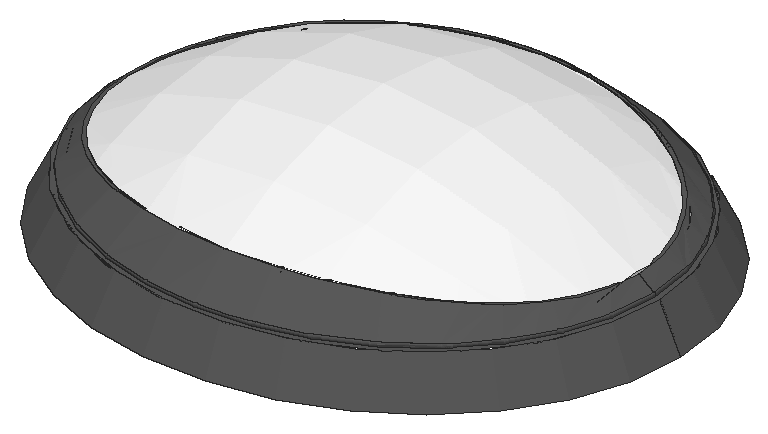
Revit family "4063794 Feilo Sylvania Lighting Fixtures BRIO IP65 LED 4K BLK G2", category Lighting Fixtures, host Face, Revit 2017
Family settings
  Host = Face
  Round Connector Dimension = Use Diameter
  Part Type = Normal
  OmniClass Number = 23.80.70.00
  OmniClass Title = Lighting
  Cut with Voids When Loaded = No
  Light Source = Yes
  Shared = No
  Room Calculation Point = No
Parameters (values of type "4063813 BRIO IP65VR LED 4K BLK G2 High Efficiency High Efficiency")
  Weight = "3.0 kg"
  Wattage Comments = "n/a"
  Wattage = 9 W
  WarrantyStartDate [instance] = "n/a"
  WarrantyGuarantorParts = "n/a"
  WarrantyDurationUnit = "n/a"
  WarrantyDurationParts = "n/a"
  WarrantyDescription = "n/a"
  built-in parameter 1150110 = 1 (stored number, unit not read)
  Voltage = 230 V
  URL = "http://www.sylvania-lighting.com"
  TypeName = "BRIO IP65VR LED 4K BLK G2"
  Type Image = <None>
  Type Comments = "n/a"
  built-in parameter 1114217 = 1 (stored number, unit not read)
  Tilt Angle = -90.00°
  built-in parameter 1150109 = 1 (stored number, unit not read)
  built-in parameter 1150134 = 12
  built-in parameter 1150113 = 1 (stored number, unit not read)
  SerialNumber [instance] = "n/a"
  ReflectorMaterial = none
  PowerFactor = 0.98
  PowerConsumption = "9 W"
  Photometric Web File = "4063813-HE.ies"
  NominalLength = 104 mm
  NominalHeight = 440 mm
  NominalDepth = 390 mm
  Name = "BRIO IP65VR LED 4K BLK G2"
  ModelReference = Name  # "BRIO IP65VR LED 4K BLK G2"
  ModelNumber = "4063813"
  Model = Name  # "BRIO IP65VR LED 4K BLK G2"
  Material = "aluminium body, polycarbonate diffuser"
  ManufacturerName = "Feilo Sylvania"
  Manufacturer = "Feilo Sylvania"
  LuminousEfficacy = "81 lm/W"
  built-in parameter 1150105 = 58.012 (stored number, unit not read)
  Lumens = 729 lm
  LuminaireType = ""
  built-in parameter 1150115 = 1 (stored number, unit not read)
  LightOutputRatio = "100"
  built-in parameter 1150137 = (empty or 0)
  built-in parameter 1150139 = (empty or 0)
  LampsType = Lamp  # "LED"
  LampNominalLuminous = "717 lm"
  LampMacAdamStep = "n/a"
  LampColourTemperature = "4000 K"
  LampColourRenderingIndex = "80"
  built-in parameter 1150112 = 1 (stored number, unit not read)
  built-in parameter 1150114 = 1 (stored number, unit not read)
  Lamp = "LED"
  Keynote = "16500"
  InstallationDate [instance] = "n/a"
  InputVoltage = "230-240V~"
  InputNominalFrequency = "50/60 Hz"
  built-in parameter 1150132 = (empty or 0)
  built-in parameter 1150102 = (empty or 0)
  built-in parameter 1150107 = 4000 (stored number, unit not read)
  built-in parameter 1150138 = (empty or 0)
  IngressProtection = "IP65"
  ImpactProtectionIndex = "IK10"
  built-in parameter 1150106 = 0.58012 (stored number, unit not read)
  IfcExportType = "IfcLightFixtureType"
  IfcExportAs = "IfcLightFixtureType"
  ExpectedLife = 50000
  Emit from Circle Diameter = 300 mm
  Emit Shape Visible in Rendering = no
  ElectricShockClassification = "Class I"
  built-in parameter 1150104 = 7.5251 (stored number, unit not read)
  DurationUnit = "hours"
  DocumentationLiterature = "http://www.sylvania-lighting.com/product/en-int/products/4063813"
  DimmingControlOptions = "n/a"
  Dimming Lamp Color Temperature Shift = <None>
  DiffuserMaterial = Diffuser-Sylvania-BrioIP65VR-Opal
  Description = "Led exterior bulkhead, Unique feature allowing a choice between High Output or High Efficiency with the flick of a switch, die-cast aluminium body,  vandal resistant, 717/1371LM, 9/17W, 80/81lm/W, 4000K, Driver Current: 350/750mA, CRI80, Non dimmable, IP55,IK10, 50,000hrs (L70), (HxWxD) 358 x 408 x 104mm,  3kg, 3 step MacAdam ellipse,  RAL 9005, Class 1, 230V,  energy class: A++, A+, A"
  Default Elevation = 1219.2 mm
  CreatedOn = "23/11/2017"
  CreatedBy = ""
  Cost = 0
  Color Filter = 16777215
  built-in parameter 1114216 [instance] = (empty or 0)
  ClassificationValue = "EF_70_80"
  ClassificationName = "Uniclass2015"
  BodyMaterial = Body-Sylvania-BrioIP65VR-Black
  BarCode [instance] = "n/a"
  built-in parameter 1114218 = 1 (stored number, unit not read)
  built-in parameter 1150133 = 10 (stored number, unit not read)
  AssetType = "Fixed"
  AssetIdentifier [instance] = "n/a"
  Assembly Code = "D5020200"
  Apparent Load = 9 VA
  AccessoryMaterial = none
Types (2, lengths in mm): name | Wattage | PowerConsumption | Photometric Web File | built-in parameter 1150105 | Lumens | LampNominalLuminous | built-in parameter 1150106 | Apparent Load
  4063813 BRIO IP65VR LED 4K BLK G2 High Output High Output | 17 W | "17 W" | "4063813-HO.ies" | 109.58 (stored number, unit not read) | 1377 lm | "1371 lm" | 1.0958 (stored number, unit not read) | 17 VA
  4063813 BRIO IP65VR LED 4K BLK G2 High Efficiency High Efficiency | 9 W | "9 W" | "4063813-HE.ies" | 58.012 (stored number, unit not read) | 729 lm | "717 lm" | 0.58012 (stored number, unit not read) | 9 VA
Reference planes
  plane 1 "Center (Front/Back)": y = 0
  plane 2: z = 0
  plane 3 "Center (Left/Right)": x = 0
  plane 4: x = 220
  plane 5: x = -220
  plane 6: y = 195
  plane 7: y = -195
  plane 8: z = 104
  plane 9: z = 32.5
  plane 10: z = 60
  plane 11: x = -172.7
  plane 12: x = -203.7
  plane 13: z = 45
  plane 14: y = -147.7
  plane 15: y = 147.7
  plane 16: z = 58.9
  plane 17: y = 146.8
  plane 18: y = -146.8
  plane 19: y = -148.7
  plane 20: y = 148.7
  plane 21: x = -193.7
Forms (mm)
  Blend 1, solid, material "Body-Sylvania-BrioIP65VR-Black" <- "BodyMaterial"
    base sketch origin (0, 0, 0) x (1, 0, 0) y (0, 1, 0)
      loop
        spline (-220, 0) -> (-212.504, -50.47) -> (-190.526, -97.5) -> (-155.563, -137.886) -> (-110, -168.875) -> (-56.94, -188.356) -> (0, -195) -> (56.94, -188.356) -> (110, -168.875) -> (155.563, -137.886) -> (190.526, -97.5) -> (212.504, -50.47) -> (220, 0)
        spline (220, 0) -> (212.504, 50.47) -> (190.526, 97.5) -> (155.563, 137.886) -> (110, 168.875) -> (56.94, 188.356) -> (0, 195) -> (-56.94, 188.356) -> (-110, 168.875) -> (-155.563, 137.886) -> (-190.526, 97.5) -> (-212.504, 50.47) -> (-220, 0)
    top sketch origin (0, 0, 0) x (1, 0, 0) y (0, 1, 0)
      loop
        spline (-203.75, 0) -> (-196.807, -46.329) -> (-176.453, -89.5) -> (-144.073, -126.572) -> (-101.875, -155.019) -> (-52.734, -172.901) -> (0, -179) -> (52.734, -172.901) -> (101.875, -155.019) -> (144.073, -126.572) -> (176.453, -89.5) -> (196.807, -46.329) -> (203.75, 0)
        spline (203.75, 0) -> (196.807, 46.329) -> (176.453, 89.5) -> (144.073, 126.572) -> (101.875, 155.019) -> (52.734, 172.901) -> (0, 179) -> (-52.734, 172.901) -> (-101.875, 155.019) -> (-144.073, 126.572) -> (-176.453, 89.5) -> (-196.807, 46.329) -> (-203.75, 0)
    from 0 to 32.5
  Sweep 2, solid, material "Body-Sylvania-BrioIP65VR-Black" <- "BodyMaterial"
    path in 3D
      loop
        spline (203.75, 0, 32.5) -> (196.807, -46.329, 32.5) -> (176.453, -89.5, 32.5) -> (144.073, -126.572, 32.5) -> (101.875, -155.019, 32.5) -> (52.734, -172.901, 32.5) -> (0, -179, 32.5) -> (-52.734, -172.901, 32.5) -> (-101.875, -155.019, 32.5) -> (-144.073, -126.572, 32.5) -> (-176.453, -89.5, 32.5) -> (-196.807, -46.329, 32.5) -> (-203.75, 0, 32.5)
        spline (-203.75, 0, 32.5) -> (-196.807, 46.329, 32.5) -> (-176.453, 89.5, 32.5) -> (-144.073, 126.572, 32.5) -> (-101.875, 155.019, 32.5) -> (-52.734, 172.901, 32.5) -> (0, 179, 32.5) -> (52.734, 172.901, 32.5) -> (101.875, 155.019, 32.5) -> (144.073, 126.572, 32.5) -> (176.453, 89.5, 32.5) -> (196.807, 46.329, 32.5) -> (203.75, 0, 32.5)
    profile origin (-203.75, 0, 32.5) x (-1, 0, 0) y (0, 0, 1)
      loop
        line (-31.05, 27.5) -> (-32.113, 26.437) -> (-10.05, 6.897) -> (-10.05, 1.5) -> (-31.05, 1.5) -> (-31.05, 0) -> (-5.172, 0)
        arc (-5.172, 0) -> (-3.338, 1.266) -> (-3.872, 3.429) r 1.961
        line (-3.872, 3.429) -> (-31.05, 27.5)
  Extrusion 3, void
    sketch origin (0, 0, 0) x (0, 1, 0) y (0, 0, 1)
      loop
        arc (-148.7, 60) -> (0, 45) -> (148.7, 60) r 744.556
        line (148.7, 60) -> (-148.7, 60)
    from -220 to 220
  Sweep 4, solid, material "Diffuser-Sylvania-BrioIP65VR-Opal" <- "DiffuserMaterial"
    path in 3D
      loop
        arc (0, 146.8, 58.9) -> (0, 0, 104) -> (0, -146.8, 58.9) r 261.466
    profile origin (0, 0, 104) x (0, 0, -1) y (1, 0, 0)
      loop
        line (59, -187.374) -> (61.459, -185.655)
        arc (61.459, -185.655) -> (3, 0) -> (61.459, 185.655) r 324.034
        line (61.459, 185.655) -> (59, 187.374)
        arc (59, 187.374) -> (0, 0) -> (59, -187.374) r 327.034
  Extrusion 5, void
    sketch origin (0, 0, 0) x (1, 0, 0) y (0, 1, 0)
      loop
        spline (-193.7, 0) -> (-187.1, -38.486) -> (-167.749, -74.35) -> (-136.967, -105.147) -> (-96.85, -128.778) -> (-50.133, -143.633) -> (0, -148.7) -> (50.133, -143.633) -> (96.85, -128.778) -> (136.967, -105.147) -> (167.749, -74.35) -> (187.1, -38.486) -> (193.7, 0)
        spline (193.7, 0) -> (187.1, 38.486) -> (167.749, 74.35) -> (136.967, 105.147) -> (96.85, 128.778) -> (50.133, 143.633) -> (0, 148.7) -> (-50.133, 143.633) -> (-96.85, 128.778) -> (-136.967, 105.147) -> (-167.749, 74.35) -> (-187.1, 38.486) -> (-193.7, 0)
      loop
        line (-203.7, 195) -> (-203.7, -195) -> (220, -195) -> (220, 195) -> (-203.7, 195)
    from 0 to 60
Cuts and joins
  Extrusion 3 cuts Sweep 2
  Extrusion 5 cuts Sweep 4
Lines and regions (mm)
  sketch lines
    curve 1: spline (-203.75, 0, 32.5) -> (-196.807, 46.329, 32.5) -> (-176.453, 89.5, 32.5) -> (-144.073, 126.572, 32.5) -> (-101.875, 155.019, 32.5) -> (-52.734, 172.901, 32.5) -> (0, 179, 32.5) -> (52.734, 172.901, 32.5) -> (101.875, 155.019, 32.5) -> (144.073, 126.572, 32.5) -> (176.453, 89.5, 32.5) -> (196.807, 46.329, 32.5) -> (203.75, 0, 32.5)
    curve 2: spline (203.75, 0, 32.5) -> (196.807, -46.329, 32.5) -> (176.453, -89.5, 32.5) -> (144.073, -126.572, 32.5) -> (101.875, -155.019, 32.5) -> (52.734, -172.901, 32.5) -> (0, -179, 32.5) -> (-52.734, -172.901, 32.5) -> (-101.875, -155.019, 32.5) -> (-144.073, -126.572, 32.5) -> (-176.453, -89.5, 32.5) -> (-196.807, -46.329, 32.5) -> (-203.75, 0, 32.5)
    curve 4: arc (0, 146.8, 58.9) -> (0, 0, 104) -> (0, -146.8, 58.9) r 261.466
  reference lines
    curve 3: arc (0, 146.8, 58.9) -> (0, 0, 104) -> (0, -146.8, 58.9) r 261.466
Dimensions and locks
  equal spacing: plane 5, plane 3 "Center (Left/Right)", plane 4
  locked: plane 5 to plane 4 at 440
  equal spacing: plane 7, plane 1 "Center (Front/Back)", plane 6
  locked: plane 7 to plane 6 at 390
  locked: plane 8 to plane 2 at 104
  plane 9 to plane 2 = 32.5 mm
  locked: Blend 1 sketch curve to Blend 1 sketch curve at 195
  locked: Blend 1 sketch curve to Blend 1 sketch curve at 220
  locked: Blend 1 sketch curve to Blend 1 sketch curve at 203.75
  locked: Blend 1 sketch curve to Blend 1 sketch curve at 179
  locked: plane 10 to plane 9 at 27.5
  locked: plane 12 to plane 5 at 16.3
  locked: plane 11 to plane 5 at 47.3
  locked: plane 10 to plane 13 at 15
  equal spacing: plane 14, plane 1 "Center (Front/Back)", plane 15
  locked: plane 7 to plane 14 at 47.3
  locked: Sweep 2 sketch curve to Sweep 2 sketch curve at 1.5
  locked: Sweep 2 sketch curve to plane 9 at 1.5
  locked: plane 16 to plane 10 at 1.1
  equal spacing: plane 18, plane 1 "Center (Front/Back)", plane 17
  locked: plane 14 to plane 18 at 0.9
  locked: plane 2 to curve 3 at 157.466
  equal spacing: plane 19, plane 1 "Center (Front/Back)", plane 20
  locked: plane 19 to plane 14 at 1
  locked: Extrusion 3 sketch curve to plane 2 at 789.556
  locked: plane 21 to plane 12 at 10
  aligned and locked: plane 2 to host face
  aligned and locked: level to host face
  aligned and locked: plane 3 "Center (Left/Right)" to Blend 1 sketch curve  (x2)
  aligned and locked: plane 1 "Center (Front/Back)" to Blend 1 sketch curve  (x4)
  aligned and locked: Blend 1 to plane 9
  aligned and locked: Sweep 2 sketch curve to profile plane
  aligned and locked: plane 4 to Extrusion 3
  aligned and locked: plane 10 to Sweep 2 sketch curve
  aligned and locked: plane 17 to curve 3
  aligned and locked: plane 16 to curve 3  (x2)
  aligned and locked: plane 18 to curve 3
  aligned and locked: plane 13 to Sweep 4 sketch curve
  aligned and locked: plane 10 to Extrusion 3 sketch curve
  aligned and locked: plane 20 to Extrusion 3 sketch curve
  aligned and locked: plane 19 to Extrusion 3 sketch curve
  aligned and locked: plane 1 "Center (Front/Back)" to Extrusion 3 sketch curve
  aligned and locked: Extrusion 3 to plane 5
  aligned and locked: imposter light to plane 8
  aligned and locked: plane 3 "Center (Left/Right)" to imposter light
  aligned and locked: imposter light to plane 1 "Center (Front/Back)"
  aligned and locked: plane 21 to Sweep 2 sketch curve
  aligned and locked: Sweep 2 sketch curve to plane 21
  aligned and locked: plane 3 "Center (Left/Right)" to Extrusion 5 sketch curve
  aligned and locked: plane 1 "Center (Front/Back)" to Extrusion 5 sketch curve  (x2)
  aligned and locked: plane 6 to Extrusion 5 sketch curve
  aligned and locked: Extrusion 5 sketch curve to plane 7
  aligned and locked: Extrusion 5 sketch curve to plane 4
  aligned and locked: plane 12 to Extrusion 5 sketch curve
  aligned and locked: Extrusion 5 to level
  aligned and locked: Extrusion 5 to plane 10
Automatic sketch dimensions
  host sketch curve to host sketch curve = 2438.4 mm  (x2)
  Sweep 4 sketch curve to Sweep 4 sketch curve = 0 mm  (x2)
  Sweep 4 sketch curve to profile plane = 0 mm
  Sweep 4 sketch curve to Sweep 4 sketch curve = 2.459 mm  (x2)
  Sweep 4 sketch curve to Sweep 4 sketch curve = 265.575 mm
  Sweep 4 sketch curve to profile plane = 185.655 mm
  Sweep 4 sketch curve to Sweep 4 sketch curve = 1.719 mm
  Sweep 4 sketch curve to profile plane = 59 mm
  Sweep 2 sketch curve to Sweep 2 sketch curve = 21 mm
  Sweep 2 sketch curve to Sweep 2 sketch curve = 0 mm
  profile plane to Sweep 2 sketch curve = 26.437 mm
  Sweep 2 sketch curve to Sweep 2 sketch curve = 1.063 mm
  profile plane to Sweep 2 sketch curve = 1.961 mm
  profile plane to Sweep 2 sketch curve = 3.429 mm
  Extrusion 5 sketch curve to plane 21 = 0 mm
Connectors
  electrical at (0, 0, 0), driven by "Apparent Load", driven by "PowerFactor", driven by "Voltage"
    settings: index 1, voltage 230 V, apparent load 9 VA, apparent load phase1 0 VA, apparent load phase2 0 VA, apparent load phase3 0 VA, power factor 0.98, load classification "Lighting", number of poles 1, system type 30, power factor state 1, is connector primary yes, connector utility no, sub classification motor no, connector description ""
